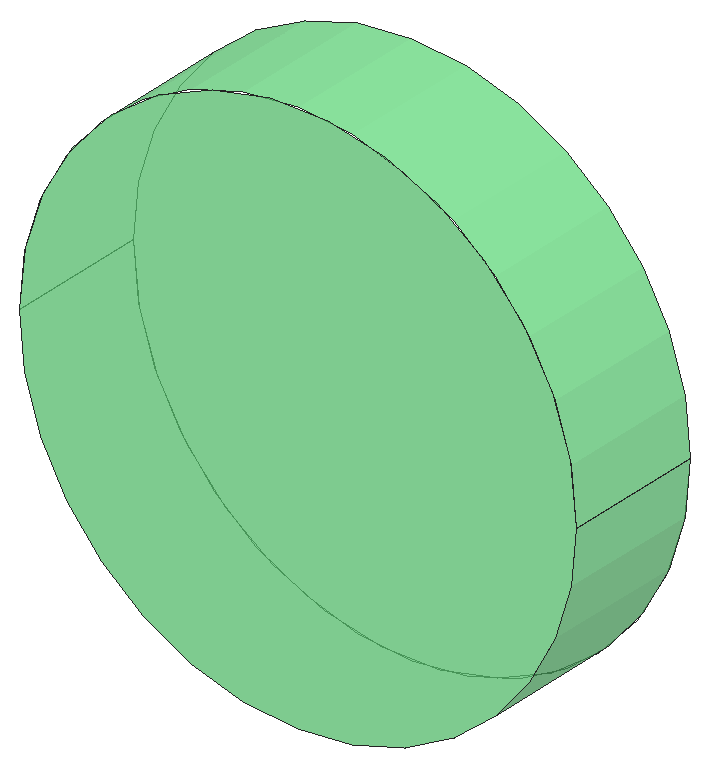
Revit family "501_MEP_Задание_Гильза_Стены", category Оборудование, Revit 2018
Family settings
  Размер круглого соединителя = Использовать диаметр
  Классификация = Нет
  Тип детали = Нормальный
  На основе рабочей плоскости = Нет
  Всегда вертикально = Да
  При загрузке вырезать с полостями = Нет
  Общий = Нет
  Точка расчета площади = Нет
Parameters (values of type "АУПТ")
  Ключевая пометка = "501_MEP"  # constant formula
  КП_Р_Толщина стенки = 6 mm
  Радиус (стандарт) [instance] = SYS_MAX / 2  # 500 mm
  КП_Р_Радиус [instance] = КП_Р_Диаметр / 2  # 550 mm
  SYS_MAX [instance] = if(Ширина > Высота, Ширина, Высота)  # 1000 mm
  КП_Р_Диаметр [instance] = SYS_MAX + Расширение границ * 2  # 1100 mm
  Заливка цветом = Заливка Цветная Прямоугольное Отверстие : Фиолетовый
  SYS_YES = 1 = 1  # yes
  SYS_WIDTH [instance] = Ширина / 2 + Расширение границ  # 550 mm
  Ширина [instance] = 1000 mm
  Толщина [instance] = 280 mm
  Расширение границ [instance] = 50 mm
  Описание = "Для плагина «Менеджер отверстий»"  # constant formula
  Комментарии к типоразмеру = "АУПТ"
  Группа модели = "Задание на гильзу в стене"  # constant formula
  SYS_OFFSET_UP [instance] = 0 mm
  SYS_OFFSET_DOWN [instance] = 0 mm
  SYS_NO = 1 = 0  # no
  SYS_HEIGHT [instance] = Высота / 2 + Расширение границ  # 550 mm
  Высота [instance] = 1000 mm
Types (5, lengths in mm): name | Заливка цветом | Комментарии к типоразмеру
  ОВ | Заливка Цветная Прямоугольное Отверстие : Желтый | "ОВ"
  ВК | Заливка Цветная Прямоугольное Отверстие : Синий | "ВК"
  ЭОМ | Заливка Цветная Прямоугольное Отверстие : Красный | "ЭОМ"
  СС | Заливка Цветная Прямоугольное Отверстие : Зеленый | "СС"
  АУПТ | Заливка Цветная Прямоугольное Отверстие : Фиолетовый | "АУПТ"
Reference planes
  plane 1 "Центр (Вперед/Назад)": y = 0
  plane 2 "Вниз": z = 0
  plane 3 "По центру (Влево/Вправо)": x = 0
  plane 4 "Вверх": z = 1000
  plane 5 "Влево": x = -500
  plane 6 "Вправо": x = 500
  plane 7 "Центр (Вверх/Вниз)": z = 500
  plane 8 "Назад": y = 140
  plane 9 "Вперед": y = -140
  plane 10: x = -550
  plane 11: z = 1050
  plane 12: x = 550
  plane 13: z = -50
  plane 14: z = 0
  plane 15: z = 1000
Forms (mm)
  Extrusion 1, solid
    sketch origin (-606.998, -140, 1200) x (-1, 0, 0) y (0, 0, 1)
      loop
        circle (-606.998, -700) r 550
    from 0 to 280 <- "Толщина"
Lines and regions (mm)
  model lines, style "00"
    curve 1: line (0, 0, 1000) -> (0, 0, 0)
  model lines, style "Обмен заданиями_MEP", detail levels fine
    curve 2: circle (0, -140, 500) r 500 normal (0, 1, 0)
    curve 3: circle (0, 140, 500) r 500 normal (0, 1, 0)
Dimensions and locks
  equal spacing: plane 5 "Влево", plane 3 "По центру (Влево/Вправо)", plane 6 "Вправо"
  equal spacing: plane 4 "Вверх", plane 7 "Центр (Вверх/Вниз)", plane 2 "Вниз"
  "Ширина": plane 5 "Влево" to plane 6 "Вправо"
  "Высота": plane 4 "Вверх" to plane 2 "Вниз"
  "Толщина": plane 8 "Назад" to plane 9 "Вперед"
  equal spacing: plane 8 "Назад", plane 1 "Центр (Вперед/Назад)", plane 9 "Вперед"
  "SYS_WIDTH": plane 3 "По центру (Влево/Вправо)" to plane 10
  "SYS_WIDTH": plane 12 to plane 3 "По центру (Влево/Вправо)"
  "SYS_HEIGHT": plane 7 "Центр (Вверх/Вниз)" to plane 13
  "SYS_HEIGHT": plane 11 to plane 7 "Центр (Вверх/Вниз)"
  "SYS_OFFSET_DOWN": plane 2 "Вниз" to plane 14
  "SYS_OFFSET_UP": plane 15 to plane 4 "Вверх"
  locked: plane 3 "По центру (Влево/Вправо)" to Extrusion 1 sketch curve
  locked: Extrusion 1 sketch curve to plane 7 "Центр (Вверх/Вниз)"
  locked: curve 3 to plane 3 "По центру (Влево/Вправо)"
  locked: plane 3 "По центру (Влево/Вправо)" to curve 2
  locked: curve 2 to plane 7 "Центр (Вверх/Вниз)"
  locked: curve 3 to plane 7 "Центр (Вверх/Вниз)" at 0
  "КП_Р_Диаметр": diameter of Extrusion 1 sketch curve
  "Радиус (стандарт)": radius of curve 3
  "Радиус (стандарт)": radius of curve 2
  aligned and locked: level to plane 2 "Вниз"
  aligned and locked: plane 3 "По центру (Влево/Вправо)" to nested 1
  aligned and locked: plane 1 "Центр (Вперед/Назад)" to nested 1
  aligned and locked: plane 15 to curve 1
  aligned and locked: plane 14 to curve 1
  aligned and locked: curve 1 to plane 3 "По центру (Влево/Вправо)"
Nested families
  nested 1: "Заливка Цветная Прямоугольное Отверстие" at (0, 0, 0), L <- "КП_Р_Диаметр", W <- "Толщина", План <- "SYS_YES", type <- "Заливка цветом", type "Фиолетовый"
    with Черный (план) no, Фиолетовый (план) yes, Синий (план) no, План yes, Оранжевый (план) no, Красный (план) no, Зеленый (план) no, Желтый (план) no, Голубой (план) no, W 280 mm, L 1100 mm, AW 50 mm, AL 50 mm
Definition of nested family "Заливка Цветная Прямоугольное Отверстие"
  Parameters (values of type "Зеленый")
    Черный (план) [instance] = and(Черный, План)  # no
    Черный = no
    Фиолетовый (план) [instance] = and(Фиолетовый, План)  # no
    Фиолетовый = no
    Синий (план) [instance] = and(Синий, План)  # no
    Синий = no
    План [instance] = yes
    Оранжевый (план) [instance] = and(Оранжевый, План)  # no
    Оранжевый = no
    Красный (план) [instance] = and(Красный, План)  # no
    Красный = no
    Зеленый (план) [instance] = and(Зеленый, План)  # yes
    Зеленый = yes
    Желтый (план) [instance] = and(Желтый, План)  # no
    Желтый = no
    Голубой (план) [instance] = and(Голубой, План)  # no
    Голубой = no
    L [instance] = 400 mm
    W [instance] = 200 mm
    AW [instance] = if(and(L > 500 mm, W > 500 mm), 100 mm, 50 mm)  # 50 mm
    AL [instance] = if(and(L > 500 mm, W > 500 mm), 100 mm, 50 mm)  # 50 mm
  Types (8, lengths in mm): name | Черный (план) | Черный | Фиолетовый (план) | Фиолетовый | Синий (план) | Синий | Оранжевый (план) | Оранжевый | Красный (план) | Красный | Зеленый (план) | Зеленый | Желтый (план) | Желтый | Голубой (план) | Голубой
    Красный | no | no | no | no | no | no | no | no | yes | yes | no | no | no | no | no | no
    Желтый | no | no | no | no | no | no | no | no | no | no | no | no | yes | yes | no | no
    Оранжевый | no | no | no | no | no | no | yes | yes | no | no | no | no | no | no | no | no
    Голубой | no | no | no | no | no | no | no | no | no | no | no | no | no | no | yes | yes
    Синий | no | no | no | no | yes | yes | no | no | no | no | no | no | no | no | no | no
    Фиолетовый | no | no | yes | yes | no | no | no | no | no | no | no | no | no | no | no | no
    Черный | yes | yes | no | no | no | no | no | no | no | no | no | no | no | no | no | no
    Зеленый | no | no | no | no | no | no | no | no | no | no | yes | yes | no | no | no | no
  Reference planes
    plane 1 "По центру (Вперед/Назад)": y = 0
    plane 2: z = 0
    plane 3 "По центру (Влево/Вправо)": x = 0
    plane 4: x = 200
    plane 5: x = -200
    plane 6: y = 100
    plane 7: y = -100
    plane 8: y = 50
    plane 9: x = -150
  Lines and regions (mm)
    Filled region 1, type "Черный", in view "Опорный уровень", visible <- "Черный"
      outline origin (0, 0, 0) x (1, 0, 0) y (0, 1, 0)
        loop
          line (-200, 100) -> (-200, -100) -> (-150, 50) -> (200, 100) -> (-200, 100)
    Filled region 2, type "Голубой", in view "Опорный уровень", visible <- "Голубой"
      outline origin (0, 0, 0) x (1, 0, 0) y (0, 1, 0)
        loop
          line (-200, 100) -> (-200, -100) -> (-150, 50) -> (200, 100) -> (-200, 100)
    Filled region 3, type "Желтый", in view "Опорный уровень", visible <- "Желтый"
      outline origin (0, 0, 0) x (1, 0, 0) y (0, 1, 0)
        loop
          line (-200, 100) -> (-200, -100) -> (-150, 50) -> (200, 100) -> (-200, 100)
    Filled region 4, type "Зеленый", in view "Опорный уровень", visible <- "Зеленый"
      outline origin (0, 0, 0) x (1, 0, 0) y (0, 1, 0)
        loop
          line (-200, 100) -> (-200, -100) -> (-150, 50) -> (200, 100) -> (-200, 100)
    Filled region 5, type "Красный", in view "Опорный уровень", visible <- "Красный"
      outline origin (0, 0, 0) x (1, 0, 0) y (0, 1, 0)
        loop
          line (-200, 100) -> (-200, -100) -> (-150, 50) -> (200, 100) -> (-200, 100)
    Filled region 6, type "Оранжевый", in view "Опорный уровень", visible <- "Оранжевый"
      outline origin (0, 0, 0) x (1, 0, 0) y (0, 1, 0)
        loop
          line (-200, 100) -> (-200, -100) -> (-150, 50) -> (200, 100) -> (-200, 100)
    Filled region 7, type "Синий", in view "Опорный уровень", visible <- "Синий"
      outline origin (0, 0, 0) x (1, 0, 0) y (0, 1, 0)
        loop
          line (-200, 100) -> (-200, -100) -> (-150, 50) -> (200, 100) -> (-200, 100)
    Filled region 8, type "Фиолетовый", in view "Опорный уровень", visible <- "Фиолетовый"
      outline origin (0, 0, 0) x (1, 0, 0) y (0, 1, 0)
        loop
          line (-200, 100) -> (-200, -100) -> (-150, 50) -> (200, 100) -> (-200, 100)
    Filled region 9, type "Черный", in view "Опорный уровень", visible <- "Черный (план)"
      outline origin (630.409, -492.529, 0) x (1, 0, 0) y (0, 1, 0)
        loop
          line (-780.409, 542.529) -> (-830.409, 392.529) -> (-430.409, 392.529) -> (-430.409, 592.529) -> (-780.409, 542.529)
    Filled region 10, type "Голубой", in view "Опорный уровень", visible <- "Голубой (план)"
      outline origin (520, -360, 0) x (1, 0, 0) y (0, 1, 0)
        loop
          line (-670, 410) -> (-720, 260) -> (-320, 260) -> (-320, 460) -> (-670, 410)
    Filled region 11, type "Желтый", in view "Опорный уровень", visible <- "Желтый (план)"
      outline origin (500, -320, 0) x (1, 0, 0) y (0, 1, 0)
        loop
          line (-300, 420) -> (-650, 370) -> (-700, 220) -> (-300, 220) -> (-300, 420)
    Filled region 12, type "Зеленый", in view "Опорный уровень", visible <- "Зеленый (план)"
      outline origin (630.409, -492.529, 0) x (1, 0, 0) y (0, 1, 0)
        loop
          line (-430.409, 592.529) -> (-780.409, 542.529) -> (-830.409, 392.529) -> (-430.409, 392.529) -> (-430.409, 592.529)
    Filled region 13, type "Красный", in view "Опорный уровень", visible <- "Красный (план)"
      outline origin (630.409, -492.529, 0) x (1, 0, 0) y (0, 1, 0)
        loop
          line (-780.409, 542.529) -> (-830.409, 392.529) -> (-430.409, 392.529) -> (-430.409, 592.529) -> (-780.409, 542.529)
    Filled region 14, type "Оранжевый", in view "Опорный уровень", visible <- "Оранжевый (план)"
      outline origin (630.409, -492.529, 0) x (1, 0, 0) y (0, 1, 0)
        loop
          line (-830.409, 392.529) -> (-430.409, 392.529) -> (-430.409, 592.529) -> (-780.409, 542.529) -> (-830.409, 392.529)
    Filled region 15, type "Синий", in view "Опорный уровень", visible <- "Синий (план)"
      outline origin (630.409, -492.529, 0) x (1, 0, 0) y (0, 1, 0)
        loop
          line (-830.409, 392.529) -> (-430.409, 392.529) -> (-430.409, 592.529) -> (-780.409, 542.529) -> (-830.409, 392.529)
    Filled region 16, type "Фиолетовый", in view "Опорный уровень", visible <- "Фиолетовый (план)"
      outline origin (580, -340, 0) x (1, 0, 0) y (0, 1, 0)
        loop
          line (-780, 240) -> (-380, 240) -> (-380, 440) -> (-730, 390) -> (-780, 240)
  Dimensions and locks
    equal spacing: plane 5, plane 3 "По центру (Влево/Вправо)", plane 4
    equal spacing: plane 6, plane 1 "По центру (Вперед/Назад)", plane 7
    "W": plane 6 to plane 7
    "L": plane 5 to plane 4
    plane 5 to plane 3 "По центру (Влево/Вправо)" = 200 mm
    "AL": plane 5 to plane 9
    "AW": plane 6 to plane 8
    aligned and locked: plane 5 to Filled region 1 sketch curve
    aligned and locked: plane 6 to Filled region 1 sketch curve
    aligned and locked: Filled region 16 sketch curve to Filled region 8  (x2)
    aligned and locked: Filled region 16 sketch curve to plane 7
    aligned and locked: Filled region 16 sketch curve to plane 4
    aligned and locked: Filled region 15 sketch curve to Filled region 8  (x2)
    aligned and locked: Filled region 15 sketch curve to plane 4
    aligned and locked: Filled region 15 sketch curve to plane 7
    aligned and locked: Filled region 14 sketch curve to Filled region 8  (x2)
    aligned and locked: Filled region 14 sketch curve to plane 4
    aligned and locked: Filled region 14 sketch curve to plane 7
    aligned and locked: Filled region 13 sketch curve to Filled region 8  (x2)
    aligned and locked: Filled region 13 sketch curve to plane 7
    aligned and locked: Filled region 13 sketch curve to plane 4
    aligned and locked: Filled region 12 sketch curve to plane 4
    aligned and locked: Filled region 12 sketch curve to plane 7
    aligned and locked: Filled region 12 sketch curve to Filled region 8  (x2)
    aligned and locked: Filled region 11 sketch curve to plane 4
    aligned and locked: Filled region 11 sketch curve to plane 7
    aligned and locked: Filled region 11 sketch curve to Filled region 8  (x2)
    aligned and locked: Filled region 10 sketch curve to Filled region 8  (x2)
    aligned and locked: Filled region 10 sketch curve to plane 7
    aligned and locked: Filled region 10 sketch curve to plane 4
    aligned and locked: Filled region 9 sketch curve to Filled region 8  (x2)
    aligned and locked: Filled region 9 sketch curve to plane 7
    aligned and locked: Filled region 9 sketch curve to plane 4
  Automatic sketch dimensions
    Filled region 1 sketch curve to plane 8 = 0 mm
    Filled region 1 sketch curve to plane 9 = 0 mm
    Filled region 1 sketch curve to plane 4 = 0 mm
    Filled region 1 sketch curve to plane 7 = 0 mm
    Filled region 2 sketch curve to plane 5 = 0 mm
    Filled region 2 sketch curve to plane 8 = 0 mm
    Filled region 2 sketch curve to plane 9 = 0 mm
    Filled region 2 sketch curve to plane 4 = 0 mm
    Filled region 2 sketch curve to plane 7 = 0 mm
    Filled region 2 sketch curve to plane 6 = 0 mm
    Filled region 3 sketch curve to plane 5 = 0 mm
    Filled region 3 sketch curve to plane 8 = 0 mm
    Filled region 3 sketch curve to plane 9 = 0 mm
    Filled region 3 sketch curve to plane 4 = 0 mm
    Filled region 3 sketch curve to plane 7 = 0 mm
    Filled region 3 sketch curve to plane 6 = 0 mm
    Filled region 4 sketch curve to plane 5 = 0 mm
    Filled region 4 sketch curve to plane 8 = 0 mm
    Filled region 4 sketch curve to plane 9 = 0 mm
    Filled region 4 sketch curve to plane 4 = 0 mm
    Filled region 4 sketch curve to plane 7 = 0 mm
    Filled region 4 sketch curve to plane 6 = 0 mm
    Filled region 5 sketch curve to plane 5 = 0 mm
    Filled region 5 sketch curve to plane 8 = 0 mm
    Filled region 5 sketch curve to plane 9 = 0 mm
    Filled region 5 sketch curve to plane 4 = 0 mm
    Filled region 5 sketch curve to plane 7 = 0 mm
    Filled region 5 sketch curve to plane 6 = 0 mm
    Filled region 6 sketch curve to plane 5 = 0 mm
    Filled region 6 sketch curve to plane 8 = 0 mm
    Filled region 6 sketch curve to plane 9 = 0 mm
    Filled region 6 sketch curve to plane 4 = 0 mm
    Filled region 6 sketch curve to plane 7 = 0 mm
    Filled region 6 sketch curve to plane 6 = 0 mm
    Filled region 7 sketch curve to plane 5 = 0 mm
    Filled region 7 sketch curve to plane 8 = 0 mm
    Filled region 7 sketch curve to plane 9 = 0 mm
    Filled region 7 sketch curve to plane 4 = 0 mm
    Filled region 7 sketch curve to plane 7 = 0 mm
    Filled region 7 sketch curve to plane 6 = 0 mm
    Filled region 8 sketch curve to plane 5 = 0 mm
    Filled region 8 sketch curve to plane 8 = 0 mm
    Filled region 8 sketch curve to plane 9 = 0 mm
    Filled region 8 sketch curve to plane 4 = 0 mm
    Filled region 8 sketch curve to plane 7 = 0 mm
    Filled region 8 sketch curve to plane 6 = 0 mm
